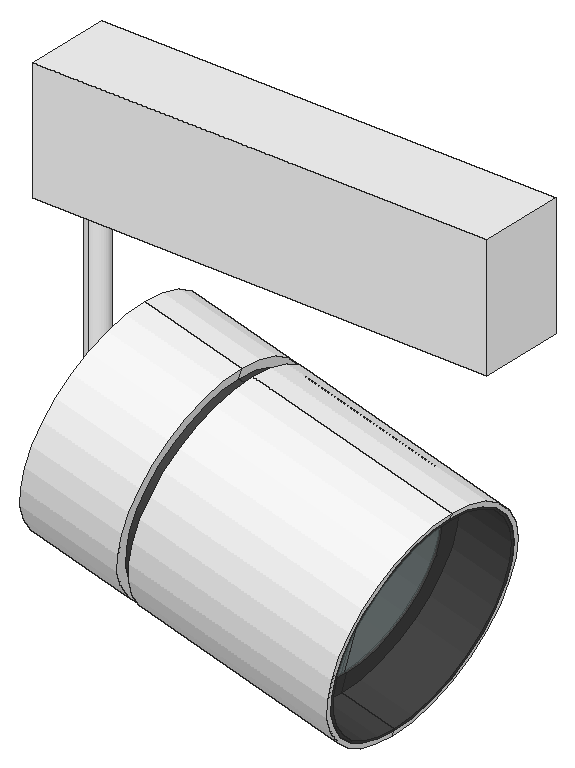
Revit family "Lighting-Track-Reggiani-Yori_95mm-13W", category Apparecchi per illuminazione, Revit 2015
Parameters (values of type "Reggiani Yori TD93 white 13 w")
  youtube = ""
  control = "Ø. = ON/OFF, D. = DALI, V. = DIMM 1-10V, T"
  Youtube clip = ""
  Weight Net (Kg) = 1.17
  Wattage = 0.861023 W
  Uniclass 2.0 Description = ""
  Uniclass 2.0 Code = ""
  Uniclass 1.4 Description = ""
  Uniclass 1.4 Code = ""
  URL to photometrics = "http://bimobject.com/en/product/downloadobjectfile?id=617e6dd2-6fdf-4cf1-8252-c91f5f6f653c"
  UNSPSC name = "Lighting Fixtures and Accessories"
  UNSPSC Code = "3911"
  Technical description = "http://www.reggiani.net/wp-content/plugins/icon-catalog/icon-catalog-assets/1/3/gen_file_20/yori_track.pdf"
  Region South America = "None"
  Region Oceania = "None"
  Region North America = "AG, AI, AN, AW, BB, BL, BM, BQ, BS, BZ, CA, CR, CU, CW, DM, DO, GD, GL, GP, GT, HN, HT, JM, KN, KY, LC, MF, MQ, MS, MX, NI, PA, PM, PR, SV, SX, TC, TT, US, VC, VG, VI"
  Region Middle East = "None"
  Region Europe = "AD, AL, AT, AX, BA, BE, BG, BY, CH, CS, CY, CZ, DE, DK, EE, ES, FI, FO, FR, GB, GG, GI, GR, HR, HU, IE, IM, IS, IT, JE, LI, LT, LU, LV, MC, MD, ME, MK, MT, NL, NO, PL, PT, RO, RS, RU, SE, SI, SJ, SK, SM, UA, VA, XK"
  Region Asia = "None"
  Region Antarctica = "None"
  Region Africa = "None"
  QR code = "http://bimobject.com/reggiani/product/yori_track_95"
  Product group = "Yori"
  Product family = "Track fixture"
  Product data url = "http://bimobject.com/reggiani/product/yori_track_95"
  Product certification = ""
  Product SKU = "yori_track_95"
  Product Guid = "6c2995b9-41c6-4809-92bb-273245acc23c"
  Nominal width = 95
  Nominal height = 135
  NBS Reference Description = ""
  NBS Reference Code = ""
  Material secondary = "Glass"
  Material main = "Aluminium"
  Manufacturer name = "Reggiani"
  Manufacturer country = "Italy"
  Installation instructions = "http://www.reggiani.net/wp-content/plugins/icon-catalog/icon-catalog-assets/1/3/gen_file_8/yori_track.pdf"
  IFC Classification = "Light Fixture"
  Edition number = 1
  EAN code = ""
  Variazione temperatura colore lampada con luminosità attenuata = <Nessuno>
  Url Photometric = ""
  URL = "http://www.reggiani.net/en/catalog-search/?searchfor=Yori&type=product&lang=en"
  built-in parameter 1150107 = 3200 (stored number, unit not read)
  Rot Photometric [instance] = Rotation  # 15.00°
  Ring = Reggiani Nero
  Produttore = "Reggiani illuminazione spa"
  built-in parameter 1150110 = 1 (stored number, unit not read)
  built-in parameter 1150109 = 1 (stored number, unit not read)
  Design country = "Italy"
  Date of publishing = "2015-10-01"
  COBIe Type Category = ""
  built-in parameter 1114218 = 1 (stored number, unit not read)
  built-in parameter 1150112 = 1 (stored number, unit not read)
  Modello = "Reggiani Yori  TD 93 10w"
  built-in parameter 1150137 = (empty or 0)
  built-in parameter 1150132 = 1
  Lens frame = Reggiani Nero
  Lampada = "Led"
  built-in parameter 1150105 = 1148 (stored number, unit not read)
  built-in parameter 1150102 = (empty or 0)
  built-in parameter 1150106 = 11.48 (stored number, unit not read)
  Home Company = "http://www.reggiani.net/en/?lang=en"
  Lumens = 127.898 lm
  Color Filter = 16777215
  File diagramma fotometrico = "TD93A_HW_13W_11degrees beam_LED 1148m_2700K_cri 90.ies"
  built-in parameter 1114217 = 1 (stored number, unit not read)
  built-in parameter 1150139 = (empty or 0)
  built-in parameter 1150104 = 13.8 (stored number, unit not read)
  Docking up = Reggiani Bianco
  Docking = Reggiani Bianco
  built-in parameter 1150115 = 1 (stored number, unit not read)
  built-in parameter 1150114 = 1 (stored number, unit not read)
  built-in parameter 1150113 = 1 (stored number, unit not read)
  Descrizione = "Minimalism and rigour in the service of functionality, Yori is a high performance luminaire with a compact footprint. Two simple bodies combined by a simple joint allow the optical section to be adjusted. Yori is designed for the most innovative LED and metal halide lamps, and is configured for mounting on tracks, inside channels, recessed, onto surfaces and inside grooves in ceilings, thanks to the new versi ..."
  Data Sheet = "http://www.reggiani.net/wp-content/plugins/icon-catalog/icon-catalog-assets/1/3/gen_file_20/yori_track.pdf"
  built-in parameter 1150134 = 3
  built-in parameter 1150138 = (empty or 0)
  Box internal = Reggiani Nero
  Box closed = Reggiani Bianco
  Rotation [instance] = 15.00°
  Lens = Lente Yori polic trasparente
  Angolo inclinazione = 90.00°
  BIMobject category = "Lighting"
  built-in parameter 1150133 = 10 (stored number, unit not read)
Types (3, lengths in mm): name | Wattage | UNSPSC name | built-in parameter 1150107 | Rot Photometric | built-in parameter 1150132 | built-in parameter 1150105 | built-in parameter 1150106 | Lumens | Docking up | Docking | built-in parameter 1150134 | Box closed | Rotation
  (no name) | 0.861023 W | "Lighting Fixtures and Accessories" | 3200 (stored number, unit not read) | 15.00° | 1 | 1148 (stored number, unit not read) | 11.48 (stored number, unit not read) | 127.898 lm | Reggiani Bianco | Reggiani Bianco | 3 | Reggiani Bianco | 15.00°
  Reggiani Yori TD93 white 13 w | 0.861023 W | "Lighting Fixtures and Accessories" | 3200 (stored number, unit not read) | 15.00° | 1 | 1148 (stored number, unit not read) | 11.48 (stored number, unit not read) | 127.898 lm | Reggiani Bianco | Reggiani Bianco | 3 | Reggiani Bianco | 15.00°
  Reggiani Yori TD93 Black  13w | 7.72846 W | "" | 2700 (stored number, unit not read) | 50.00° | 2 | 10304.3 (stored number, unit not read) | 103.04 (stored number, unit not read) | 1148 lm | Reggiani Nero | Reggiani Nero | (empty or 0) | Reggiani Nero | 50.00°
Reference planes
  plane 1 "Asse sorgente illuminazione (F/B)": y = 0
  plane 2: z = 0
  plane 3 "Asse sorgente illuminazione (L/R)": x = 0
  plane 4 "Prospetto sorgente di illuminazione": z = 1370.201
Forms (mm)
  Revolve 1, solid, material "Reggiani Bianco" <- "Box closed"
    sketch origin (-64.098, 0, 1360.613) x (0.965926, 0, -0.258819) y (0.258819, 0, 0.965926)
      loop
        line (30, -45.5) -> (30, -47.5) -> (72.098, -47.5) -> (72.098, -43.5) -> (71, -43.5) -> (71, -45.5) -> (30, -45.5)
      loop
        line (76.948, -43.5) -> (76.948, -47.5) -> (163.3, -47.5) -> (163.3, -45.5) -> (78, -45.5) -> (78, -43.5) -> (76.948, -43.5)
      axis (30, 0) -> (163.3, 0)
    angle from 0 to 360
  Revolve 2, solid, material "Lente Yori polic trasparente" <- "Lens"
    sketch origin (-16.303, 0, 1347.806) x (0.965926, 0, -0.258819) y (0.258819, 0, 0.965926)
      loop
        line (88.934, 0) -> (88.934, -44.575) -> (90, -44.575) -> (90, 0) -> (88.934, 0)
      axis (88.934, 0) -> (90, 0)
    angle from 0 to 360
  Revolve 3, solid, material "Reggiani Bianco" <- "Box closed"
    sketch origin (-35.121, 0, 1352.849) x (0.965926, 0, -0.258819) y (0.258819, 0, 0.965926)
      loop
        line (0, 0) -> (0, -45.519) -> (1.932, -45.519) -> (1.932, 0) -> (0, 0)
      axis (1.932, 0) -> (0, 0)
    angle from 0 to 360
  Revolve 4, solid, material "Reggiani Nero" <- "Box internal"
    sketch origin (-35.121, 0, 1352.849) x (0.965926, 0, -0.258819) y (0.258819, 0, 0.965926)
      loop
        line (48, -44.654) -> (48, -45.53) -> (133.3, -45.53) -> (133.3, -44.654) -> (48, -44.654)
      axis (48, 0) -> (133.3, 0)
    angle from 0 to 360
  Revolve 5, solid, material "Reggiani Nero" <- "Lens frame"
    sketch origin (10.463, 0, 1340.635) x (0.965926, 0, -0.258819) y (0.258819, 0, 0.965926)
      loop
        line (62.29, -44.662) -> (63.29, -44.662) -> (63.29, -36.382) -> (62.29, -36.382) -> (62.29, -44.662)
      axis (62.29, 0) -> (63.29, 0)
    angle from 0 to 360
  Revolve 6, solid, material "Reggiani Nero" <- "Ring"
    sketch origin (-35.121, 0, 1352.849) x (0.965926, 0, -0.258819) y (0.258819, 0, 0.965926)
      loop
        line (46.948, -40.997) -> (42.098, -40.997) -> (42.098, -43.502) -> (46.948, -43.502) -> (46.948, -40.997)
      axis (42.098, 0) -> (46.948, 0)
    angle from 0 to 360
  Extrusion 7, solid, material "Reggiani Bianco" <- "Docking up"
    sketch origin (-26.586, -0.185, 38.768) x (1, 0.000993, 0) y (0, 0, 1)
      loop
        line (-28.761, 1395.301) -> (161.239, 1395.301) -> (161.239, 1446.301) -> (-28.761, 1446.301) -> (-28.761, 1395.301)
    from -18.587 to 17.488
  Sweep 8, solid, material "Reggiani Bianco" <- "Docking"
    path origin (-42.392, 0, 1405.295) x (0.766044, 0, -0.642788) y (0.642788, 0, 0.766044)
      loop
        line (-18.756, 22.352) -> (25.512, -30.404) -> (42.647, -16.026)
    profile origin (-42.392, 0, 1400.04) x (0, -1, 0) y (1, 0, 0)
      loop
        circle (0, 0) r 4.5
      loop
        circle (0, 0) r 1.5
Lines and regions (mm)
  reference lines
    curve 1: line (0, 0, 1370.201) -> (734.104, 0, 1173.498)
Dimensions and locks
  "Rotation": angle curve 1 to plane 4 "Prospetto sorgente di illuminazione"
  "Rot Photometric": angle imposter light to plane 4 "Prospetto sorgente di illuminazione"
  aligned and locked: plane 2 to level
Automatic sketch dimensions
  curve 1 to Revolve 2 sketch curve = 25.851 mm  (x2)
  curve 1 to Revolve 2 sketch curve = 70.426 mm
  curve 1 to Revolve 2 sketch curve = 78.982 mm
  Revolve 2 sketch curve to Revolve 2 sketch curve = 1.066 mm
  Revolve 2 sketch curve to Revolve 2 sketch curve = 38.513 mm
  Revolve 2 sketch curve to Revolve 2 sketch curve = 16.706 mm
  curve 1 to Revolve 3 sketch curve = 25.851 mm  (x2)
  Revolve 3 sketch curve to curve 1 = 29.433 mm
  Revolve 3 sketch curve to curve 1 = 71.37 mm
  Revolve 3 sketch curve to Revolve 3 sketch curve = 1.932 mm
  Revolve 3 sketch curve to Revolve 3 sketch curve = 5.07 mm
  Revolve 3 sketch curve to Revolve 3 sketch curve = 10 mm
  curve 1 to Revolve 4 sketch curve = 18.567 mm
  curve 1 to Revolve 4 sketch curve = 71.38 mm
  curve 1 to Revolve 4 sketch curve = 25.851 mm
  Revolve 4 sketch curve to Revolve 4 sketch curve = 85.3 mm
  Revolve 4 sketch curve to Revolve 4 sketch curve = 21 mm
  Revolve 4 sketch curve to Revolve 4 sketch curve = 10 mm
  Revolve 4 sketch curve to Revolve 4 sketch curve = 0.876 mm
  curve 1 to Revolve 5 sketch curve = 62.233 mm
  curve 1 to Revolve 5 sketch curve = 80.049 mm
  curve 1 to Revolve 5 sketch curve = 70.512 mm
  curve 1 to Revolve 5 sketch curve = 25.851 mm
  Revolve 5 sketch curve to Revolve 5 sketch curve = 1 mm
  Revolve 5 sketch curve to Revolve 5 sketch curve = 5 mm
  Revolve 5 sketch curve to Revolve 5 sketch curve = 10 mm
  Sweep 8 sketch curve to profile plane = 0 mm
  profile plane to Sweep 8 sketch curve = 0 mm
  Sweep 8 sketch curve to Sweep 8 sketch curve = 0 mm  (x2)
  Extrusion 7 sketch curve to plane 4 "Prospetto sorgente di illuminazione" = 114.868 mm
  Extrusion 7 sketch curve to plane 4 "Prospetto sorgente di illuminazione" = 63.868 mm
  Extrusion 7 sketch curve to Extrusion 7 sketch curve = 190 mm
  plane 4 "Prospetto sorgente di illuminazione" to Sweep 8 sketch curve = 4.595 mm
  Sweep 8 sketch curve to plane 3 "Asse sorgente illuminazione (L/R)" = 42.392 mm
  Sweep 8 sketch curve to Sweep 8 sketch curve = 44.268 mm
  Sweep 8 sketch curve to Sweep 8 sketch curve = 17.135 mm
  Sweep 8 sketch curve to Sweep 8 sketch curve = 14.378 mm
  Revolve 1 sketch curve to curve 1 = 29.433 mm  (x2)
  Revolve 1 sketch curve to curve 1 = 73.351 mm
  Revolve 1 sketch curve to curve 1 = 71.351 mm
  Revolve 1 sketch curve to curve 1 = 25.851 mm
  curve 1 to Revolve 1 sketch curve = 11.567 mm
  Revolve 1 sketch curve to Revolve 1 sketch curve = 1.098 mm
  Revolve 1 sketch curve to Revolve 1 sketch curve = 4.85 mm
  Revolve 1 sketch curve to Revolve 1 sketch curve = 1.052 mm
  Revolve 1 sketch curve to Revolve 1 sketch curve = 85.3 mm
  Revolve 1 sketch curve to Revolve 1 sketch curve = 42 mm
  Revolve 1 sketch curve to Revolve 1 sketch curve = 0 mm
  Revolve 1 sketch curve to Revolve 1 sketch curve = 2 mm  (x3)
  curve 1 to Revolve 6 sketch curve = 12.665 mm
  Revolve 6 sketch curve to curve 1 = 69.353 mm
  Revolve 6 sketch curve to Revolve 6 sketch curve = 4.85 mm
  curve 1 to Revolve 6 sketch curve = 6.703 mm
  Revolve 6 sketch curve to Revolve 6 sketch curve = 6.617 mm
  Revolve 6 sketch curve to Revolve 6 sketch curve = 2.505 mm
  curve 1 to Revolve 6 sketch curve = 25.851 mm
  curve 1 to plane 3 "Asse sorgente illuminazione (L/R)" = 0 mm
  curve 1 to plane 4 "Prospetto sorgente di illuminazione" = 0 mm
  radius of Sweep 8 sketch curve = 4.5 mm
  radius of Sweep 8 sketch curve = 1.5 mm
